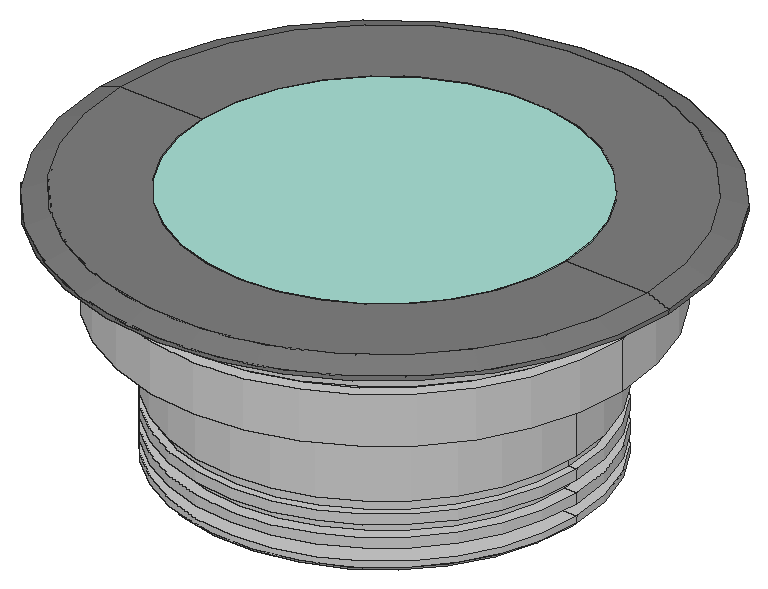
Revit family "Bright 5.F", category Lighting Fixtures, host Face, Revit 2017
Family settings
  Host = Face
  Round Connector Dimension = Use Diameter
  Part Type = Normal
  Cut with Voids When Loaded = Yes
  Light Source = Yes
  Shared = No
  Room Calculation Point = Yes
Parameters (values of type "Bright 5.F K 56° (3000K 14W 24Vdc)")
  Wiring = "parallel"
  Width mm = 148 mm
  Weight kg = "1.35 kg"
  Wattage = 7.04178 W
  built-in parameter 1150110 = 1 (stored number, unit not read)
  Voltage = 24 V
  URL Accessories and power supply units = "https://www.lucelight.it/en/prodotto.php/120393#a-scheda-accessori"
  URL = "https://www.lucelight.it/en/prodotto.php/120393"
  built-in parameter 1114217 = 1 (stored number, unit not read)
  Tiltable = "-"
  URL Technical sheet = "https://www.lucelight.it/media/prodotti/st/ST_BRIGHT_5F.pdf"
  URL Image = "https://www.lucelight.it/media/prodotti/foto/bright_5.f_still.jpg"
  URL IES Photometric file = "https://www.lucelight.it/media/prodotti/fotometrie/bright_5.f_ies.zip"
  URL General code = "https://www.lucelight.it/en/prodotto.php/120393#a-generacodice"
  URL Description = "https://www.lucelight.it/en/capitolato.php/120393"
  URL DXF = "https://www.lucelight.it/media/prodotti/dxf/bright_5.f.dxf"
  URL Catalogue = "https://www.lucelight.it/media/prodotti/brochure/bright_5_brochure_en.pdf"
  Trim = L&L_Steel inox AISI 316L
  Tilt Angle = 90.00°
  built-in parameter 1150109 = 1 (stored number, unit not read)
  built-in parameter 1150134 = (empty or 0)
  built-in parameter 1150113 = 1 (stored number, unit not read)
  Radius Void = 50 mm
  Power supply unit = "not included"
  Power supply = "24Vdc"
  Power cables = "includes 1,50 m neoprene cable, H05RN-F 2x0,75/0,75 Ø6,3 mm"
  Power Supply = L&L_Steel inox AISI 316L
  Power = "14W"
  Photometric Web File = "BRIGHT 5.F K 56° [3000K 14W 24Vdc].IES"
  Optics = "56°"
  Notes = "-"
  built-in parameter 1150142 = "IESNA:LM-63-2002\r\n[TEST] 20190607-0915.LDT\r\n[TESTLAB] L&L\r\n[TESTDATE] 7 Jun 2019\r\n[ISSUEDATE] 7 Jun 2019\r\n[MANUFAC] L&L\r\n[LUMCAT] BRIGHT 5.F K 56° [3000K 14W 24Vdc]\r\n[LUMINAIRE] BRIGHT 5.F K 56° [3000K 14W 24Vdc]\r\n[FLASHAREA] 0.001900\r\n[LAMPCAT] Power LED High Intensity\r\n[LAMP] Power LED High Intensity\r\nTILT=NONE\r\n3 244.00 1.0 181 1 1 2 -0.100 -0.100 0.000\r\n1.00 1.00 14.00\r\n0.00 1.00 2.00 3.00 4.00 5.00 6.00 7.00 8.00 9.00 10.00 \r\n11.00 12.00 13.00 14.00 15.00 16.00 17.00 18.00 19.00 \r\n20.00 21.00 22.00 23.00 24.00 25.00 26.00 27.00 28.00 \r\n29.00 30.00 31.00 32.00 33.00 34.00 35.00 36.00 37.00 \r\n38.00 39.00 40.00 41.00 42.00 43.00 44.00 45.00 46.00 \r\n47.00 48.00 49.00 50.00 51.00 52.00 53.00 54.00 55.00 \r\n56.00 57.00 58.00 59.00 60.00 61.00 62.00 63.00 64.00 \r\n65.00 66.00 67.00 68.00 69.00 70.00 71.00 72.00 73.00 \r\n74.00 75.00 76.00 77.00 78.00 79.00 80.00 81.00 82.00 \r\n83.00 84.00 85.00 86.00 87.00 88.00 89.00 90.00 91.00 \r\n92.00 93.00 94.00 95.00 96.00 97.00 98.00 99.00 100.00 \r\n101.00 102.00 103.00 104.00 105.00 106.00 107.00 108.00 \r\n109.00 110.00 111.00 112.00 113.00 114.00 115.00 116.00 \r\n117.00 118.00 119.00 120.00 121.00 122.00 123.00 124.00 \r\n125.00 126.00 127.00 128.00 129.00 130.00 131.00 132.00 \r\n133.00 134.00 135.00 136.00 137.00 138.00 139.00 140.00 \r\n141.00 142.00 143.00 144.00 145.00 146.00 147.00 148.00 \r\n149.00 150.00 151.00 152.00 153.00 154.00 155.00 156.00 \r\n157.00 158.00 159.00 160.00 161.00 162.00 163.00 164.00 \r\n165.00 166.00 167.00 168.00 169.00 170.00 171.00 172.00 \r\n173.00 174.00 175.00 176.00 177.00 178.00 179.00 180.00 \r\n0.00 \r\n736.20 735.59 734.18 731.81 728.40 723.89 718.07 710.96 \r\n702.34 692.06 680.24 666.84 651.45 635.08 617.68 599.43 \r\n580.54 561.31 542.18 523.35 504.93 486.86 469.63 452.42 \r\n435.78 419.14 403.00 387.11 371.26 355.47 339.85 324.15 \r\n308.32 292.73 276.82 261.24 245.54 230.58 215.75 201.21 \r\n186.89 173.13 159.69 146.72 134.12 122.13 110.86 100.03 \r\n89.81 80.14 71.09 62.73 55.11 48.16 42.20 36.84 32.31 \r\n28.37 24.93 21.92 19.26 16.93 14.85 13.02 11.38 9.92 8.61 \r\n7.48 6.42 5.49 4.64 3.90 3.21 2.61 2.07 1.58 1.10 0.73 \r\n0.54 0.44 0.38 0.33 0.29 0.25 0.21 0.17 0.14 0.11 0.08 \r\n0.04 0.00 0.00 0.00 0.00 0.00 0.00 0.00 0.00 0.00 0.00 \r\n0.00 0.00 0.00 0.00 0.00 0.00 0.00 0.00 0.00 0.00 0.00 \r\n0.00 0.00 0.00 0.00 0.00 0.00 0.00 0.00 0.00 0.00 0.00 \r\n0.00 0.00 0.00 0.00 0.00 0.00 0.00 0.00 0.00 0.00 0.00 \r\n0.00 0.00 0.00 0.00 0.00 0.00 0.00 0.00 0.00 0.00 0.00 \r\n0.00 0.00 0.00 0.00 0.00 0.00 0.00 0.00 0.00 0.00 0.00 \r\n0.00 0.00 0.00 0.00 0.00 0.00 0.00 0.00 0.00 0.00 0.00 \r\n0.00 0.00 0.00 0.00 0.00 0.00 0.00 0.00 0.00 0.00 0.00 \r\n0.00 0.00 0.00 0.00 \r\n"
  No. and type of led = "3 high-intensity power LEDs, 3-step MacAdam, 50 000h L95 B10 (Ta 25°C)"
  Mounting = "recessed (ceiling, wall, floor)"
  Model = "Bright 5.F"
  Material = "body in anodized aluminium, trim in AISI 316L stainless steel, screen in tempered, serigraphed-grey and transparent extra-clear glass"
  Manufacturer = "L&L Luce&Light"
  built-in parameter 1150105 = 83.238 (stored number, unit not read)
  Lumens = 1046 lm
  built-in parameter 1150115 = 1 (stored number, unit not read)
  Lumen output at source = "1663 lm (3000K, 19W, CRI 80), 1538 lm (3000K, 19W, CRI 90), 1131 lm (3000K, 14W, CRI 80), 1046 lm (3000K, 14W, CRI 90)"
  built-in parameter 1150137 = (empty or 0)
  built-in parameter 1150139 = (empty or 0)
  Lens = L&L_Tempered extra-clear glass
  Length mm = 148 mm
  built-in parameter 1150112 = 1 (stored number, unit not read)
  built-in parameter 1150114 = 1 (stored number, unit not read)
  LED Colour = "3000K (also available: 2700K and 4000K - ref. URL Technical sheet)"
  built-in parameter 1150132 = 2
  built-in parameter 1150102 = (empty or 0)
  built-in parameter 1150107 = 3000 (stored number, unit not read)
  built-in parameter 1150138 = (empty or 0)
  built-in parameter 1150106 = 0.83238 (stored number, unit not read)
  IP = "IP68, IP69K"
  Height mm = 90 mm
  Height Void = 80 mm
  Geometry = Bright 5.F_mod : Bright 5.F_mod
  Features = "67°x11° optics adjustable through 360° using the magnet provided"
  Energy efficiency class = "A A+ A++"
  Emit from Line Length = 609.6 mm
  built-in parameter 1150104 = 13.8 (stored number, unit not read)
  Dimming Lamp Color Temperature Shift = <None>
  Description = "recessed for outdoor applications"
  Delivered lumen output = "821 lm (3000K, 12°, 14W, CRI 80), 759 lm (3000K, 12°, 14W, CRI 90), 1208 lm (3000K, 12°, 19W, CRI 80), 1117 lm (3000K, 12°, 19W, CRI 90)"
  Default Elevation = 1219.2 mm
  Cutout dimensions = "diam. 125 mm"
  Control system = "-"
  Contact = "T: +39 0444 360571; E: lucelight@lucelight.it"
  Company = "L&L Luce&Light"
  Color Filter = 16777215
  Code = "-"
  CRI = "90 (also available: CRI 80 - ref. URL Technical sheet)"
  Body = L&L_Anodized aluminium
  built-in parameter 1114218 = 1 (stored number, unit not read)
  built-in parameter 1150133 = 10 (stored number, unit not read)
  Apparent Load Phase 1 = 14 W
  Apparent Load = 0 VA
Reference planes
  plane 1 "Center (Front/Back)": y = 0
  plane 2: z = 0
  plane 3 "Center (Left/Right)": x = 0
  plane 4: z = -80
Forms (mm)
  Extrusion 1, void
    sketch origin (0, 0, 0) x (1, 0, 0) y (0, 1, 0)
      loop
        circle (0, 0) r 50
    from -80 to 0
Dimensions and locks
  "Height Void": plane 4 to plane 2
  "Radius Void": radius of Extrusion 1 sketch curve
  aligned and locked: plane 2 to host face
  aligned and locked: level to host face
  aligned and locked: Extrusion 1 to plane 4
  aligned and locked: plane 2 to Extrusion 1
Automatic sketch dimensions
  host sketch curve to host sketch curve = 2438.4 mm  (x2)
  plane 1 "Center (Front/Back)" to Extrusion 1 sketch curve = 0 mm
  Extrusion 1 sketch curve to plane 3 "Center (Left/Right)" = 0 mm
Nested families
  nested 1: "Bright 5.F_mod" at (0, 0, 0), type <- "Geometry", type "Bright 5.F_mod"
Connectors
  electrical at (0, 0, 0), driven by "Apparent Load Phase 1", driven by "Voltage"
    settings: index 1, voltage 24 V, apparent load 0 VA, apparent load phase1 14 VA, apparent load phase2 0 VA, apparent load phase3 0 VA, power factor 1, load classification "Lighting", number of poles 1, system type 31, power factor state 1, is connector primary yes, connector utility no, sub classification motor no, connector description ""
Definition of nested family "Bright 5.F_mod"
  Parameters (values of type "Bright 5.F_mod")
    Trim = none
    Power supply = none
    Lens = none
    Default Elevation = 1219.2 mm
    Body = none
  Reference planes
    plane 1 "Light Source Axis (F/B)": y = 0
    plane 2: z = 0
    plane 3 "Light Source Axis (L/R)": x = 0
    plane 4 "Light Source Elevation": z = 3
    plane 5: z = -87
    plane 6: z = -22
  Forms (mm)
    Extrusion 1, solid, material <- "Body", detail levels coarse
      sketch origin (0, 0, 0) x (1, 0, 0) y (0, 1, 0)
        loop
          circle (0, 0) r 74
      from -87 to 3
    Extrusion 2, solid, material <- "Trim", detail levels medium
      sketch origin (0, 0, 0) x (1, 0, 0) y (0, 1, 0)
        loop
          circle (0, 0) r 74
        loop
          circle (0, 0) r 47.25
      from -22 to 3
    Extrusion 3, solid, material <- "Body", detail levels medium
      sketch origin (0, 0, 0) x (1, 0, 0) y (0, 1, 0)
        loop
          circle (0, 0) r 50
      from -87 to -22
    Extrusion 4, solid, material <- "Lens", detail levels medium+fine
      sketch origin (0, 0, 0) x (1, 0, 0) y (0, 1, 0)
        loop
          circle (0, 0) r 47.25
      from 0 to 3
    Revolve 5, solid, material <- "Trim", detail levels fine
      sketch origin (0, 0, 0) x (1, 0, 0) y (0, 0, 1)
        loop
          line (47.25, 3) -> (47.25, 0) -> (74, 0) -> (74, 1) -> (68.505, 3) -> (47.25, 3)
        axis (0, 3) -> (0, 0)
      angle from 0 to 360
    Revolve 6, solid, material <- "Body", detail levels fine
      sketch origin (0, 0, 0) x (1, 0, 0) y (0, 0, 1)
        loop
          line (62, -8) -> (62, 0) -> (0, 0) -> (0, -58) -> (48.999, -58) -> (50, -57) -> (50, -55.5) -> (44, -55.5) -> (44, -52.5) -> (50, -52.5) -> (50, -50) -> (47, -50) -> (47, -47) -> (50, -47) -> (50, -44.5) -> (48, -44.5) -> (48, -41.5) -> (50, -41.5) -> (50, -22) -> (62, -22) -> (62, -10) -> (59, -10) -> (59, -8) -> (62, -8)
        axis (0, -58) -> (0, 0)
      angle from 0 to 360
  Dimensions and locks
    level to plane 4 "Light Source Elevation" = 3 mm
    plane 5 to plane 4 "Light Source Elevation" = 90 mm
    plane 6 to plane 4 "Light Source Elevation" = 25 mm
    aligned and locked: level to plane 2
    aligned and locked: plane 5 to Extrusion 1
    aligned and locked: Extrusion 1 to plane 4 "Light Source Elevation"
    aligned and locked: plane 6 to Extrusion 2
    aligned and locked: Extrusion 2 to plane 4 "Light Source Elevation"
    aligned and locked: plane 5 to Extrusion 3
    aligned and locked: Extrusion 3 to plane 6
    aligned and locked: Extrusion 4 to level
    aligned and locked: Extrusion 4 to plane 4 "Light Source Elevation"
  Nested families
    nested 1: "Power supply" at (-24.682, 0, -58), type "Power supply", detail levels fine
  Definition of nested family "Power supply"
    Parameters (values of type "Power supply")
      Power supply = none
      Default Elevation = 1219.2 mm
    Reference planes
      plane 1 "Light Source Axis (F/B)": y = 0
      plane 2: z = 0
      plane 3 "Light Source Axis (L/R)": x = 0
      plane 4 "Light Source Elevation": z = 1500
    Forms (mm)
      Extrusion 1, solid, material <- "Power supply"
        sketch origin (36.054, -14.716, -19.543) x (1, 0, 0) y (0, 1, 0)
          loop
            circle (-36.054, 14.716) r 7.8
        from 5.793 to 11.543
      Extrusion 2, solid, material <- "Power supply"
        sketch origin (33.254, -14.716, -12.98) x (1, 0, 0) y (0, 1, 0)
          loop
            line (-33.254, 24.216) -> (-39.972, 21.433) -> (-42.754, 14.716) -> (-39.972, 7.998) -> (-33.254, 5.216) -> (-26.537, 7.998) -> (-23.754, 14.716) -> (-26.537, 21.433) -> (-33.254, 24.216)
        from 4.98 to 12.98
      Extrusion 3, solid, material <- "Power supply"
        sketch origin (33.254, -14.716, -21.238) x (1, 0, 0) y (0, 1, 0)
          loop
            line (-33.254, 25.686) -> (-41.011, 22.473) -> (-44.224, 14.716) -> (-41.011, 6.959) -> (-33.254, 3.746) -> (-25.497, 6.959) -> (-22.284, 14.716) -> (-25.497, 22.473) -> (-33.254, 25.686)
        from -3.512 to 7.488
      Revolve 4, solid, material <- "Power supply"
        sketch origin (0, 0, -12.75) x (1, 0, 0) y (0, 0, 1)
          loop
            line (0, -12) -> (0, -16.2) -> (5.5, -16.2)
            arc (5.5, -16.2) -> (8.211, -14.914) -> (8.929, -12) r 3.5
            line (8.929, -12) -> (0, -12)
          axis (0, -16.2) -> (0, -12)
        angle from 0 to 360
    Dimensions and locks
      aligned and locked: level to plane 2
Types (16, lengths in mm): name | Wattage | Power | Photometric Web File | Optics | built-in parameter 1150142 | built-in parameter 1150105 | Lumens | built-in parameter 1150106 | Apparent Load Phase 1
  Bright 5.F K 56° (3000K 14W 24Vdc) | 7.04178 W | "14W" | "BRIGHT 5.F K 56° [3000K 14W 24Vdc].IES" | "56°" | "IESNA:LM-63-2002\r\n[TEST] 20190607-0915.LDT\r\n[TESTLAB] L&L\r\n[TESTDATE] 7 Jun 2019\r\n[ISSUEDATE] 7 Jun 2019\r\n[MANUFAC] L&L\r\n[LUMCAT] BRIGHT 5.F K 56° [3000K 14W 24Vdc]\r\n[LUMINAIRE] BRIGHT 5.F K 56° [3000K 14W 24Vdc]\r\n[FLASHAREA] 0.001900\r\n[LAMPCAT] Power LED High Intensity\r\n[LAMP] Power LED High Intensity\r\nTILT=NONE\r\n3 244.00 1.0 181 1 1 2 -0.100 -0.100 0.000\r\n1.00 1.00 14.00\r\n0.00 1.00 2.00 3.00 4.00 5.00 6.00 7.00 8.00 9.00 10.00 \r\n11.00 12.00 13.00 14.00 15.00 16.00 17.00 18.00 19.00 \r\n20.00 21.00 22.00 23.00 24.00 25.00 26.00 27.00 28.00 \r\n29.00 30.00 31.00 32.00 33.00 34.00 35.00 36.00 37.00 \r\n38.00 39.00 40.00 41.00 42.00 43.00 44.00 45.00 46.00 \r\n47.00 48.00 49.00 50.00 51.00 52.00 53.00 54.00 55.00 \r\n56.00 57.00 58.00 59.00 60.00 61.00 62.00 63.00 64.00 \r\n65.00 66.00 67.00 68.00 69.00 70.00 71.00 72.00 73.00 \r\n74.00 75.00 76.00 77.00 78.00 79.00 80.00 81.00 82.00 \r\n83.00 84.00 85.00 86.00 87.00 88.00 89.00 90.00 91.00 \r\n92.00 93.00 94.00 95.00 96.00 97.00 98.00 99.00 100.00 \r\n101.00 102.00 103.00 104.00 105.00 106.00 107.00 108.00 \r\n109.00 110.00 111.00 112.00 113.00 114.00 115.00 116.00 \r\n117.00 118.00 119.00 120.00 121.00 122.00 123.00 124.00 \r\n125.00 126.00 127.00 128.00 129.00 130.00 131.00 132.00 \r\n133.00 134.00 135.00 136.00 137.00 138.00 139.00 140.00 \r\n141.00 142.00 143.00 144.00 145.00 146.00 147.00 148.00 \r\n149.00 150.00 151.00 152.00 153.00 154.00 155.00 156.00 \r\n157.00 158.00 159.00 160.00 161.00 162.00 163.00 164.00 \r\n165.00 166.00 167.00 168.00 169.00 170.00 171.00 172.00 \r\n173.00 174.00 175.00 176.00 177.00 178.00 179.00 180.00 \r\n0.00 \r\n736.20 735.59 734.18 731.81 728.40 723.89 718.07 710.96 \r\n702.34 692.06 680.24 666.84 651.45 635.08 617.68 599.43 \r\n580.54 561.31 542.18 523.35 504.93 486.86 469.63 452.42 \r\n435.78 419.14 403.00 387.11 371.26 355.47 339.85 324.15 \r\n308.32 292.73 276.82 261.24 245.54 230.58 215.75 201.21 \r\n186.89 173.13 159.69 146.72 134.12 122.13 110.86 100.03 \r\n89.81 80.14 71.09 62.73 55.11 48.16 42.20 36.84 32.31 \r\n28.37 24.93 21.92 19.26 16.93 14.85 13.02 11.38 9.92 8.61 \r\n7.48 6.42 5.49 4.64 3.90 3.21 2.61 2.07 1.58 1.10 0.73 \r\n0.54 0.44 0.38 0.33 0.29 0.25 0.21 0.17 0.14 0.11 0.08 \r\n0.04 0.00 0.00 0.00 0.00 0.00 0.00 0.00 0.00 0.00 0.00 \r\n0.00 0.00 0.00 0.00 0.00 0.00 0.00 0.00 0.00 0.00 0.00 \r\n0.00 0.00 0.00 0.00 0.00 0.00 0.00 0.00 0.00 0.00 0.00 \r\n0.00 0.00 0.00 0.00 0.00 0.00 0.00 0.00 0.00 0.00 0.00 \r\n0.00 0.00 0.00 0.00 0.00 0.00 0.00 0.00 0.00 0.00 0.00 \r\n0.00 0.00 0.00 0.00 0.00 0.00 0.00 0.00 0.00 0.00 0.00 \r\n0.00 0.00 0.00 0.00 0.00 0.00 0.00 0.00 0.00 0.00 0.00 \r\n0.00 0.00 0.00 0.00 0.00 0.00 0.00 0.00 0.00 0.00 0.00 \r\n0.00 0.00 0.00 0.00 \r\n" | 83.238 (stored number, unit not read) | 1046 lm | 0.83238 (stored number, unit not read) | 14 W
  Bright 5.F L 35° (3000K 14W 24Vdc) | 7.04178 W | "14W" | "BRIGHT 5.F L 35° [3000K 14W 24Vdc].IES" | "35°" | "IESNA:LM-63-2002\r\n[TEST] 20190614-1019.LDT\r\n[TESTLAB] L&L\r\n[TESTDATE] 14 Jun 2019\r\n[ISSUEDATE] 14 Jun 2019\r\n[MANUFAC] L&L\r\n[LUMCAT] BRIGHT 5.F L 35° [3000K 14W 24Vdc]\r\n[LUMINAIRE] BRIGHT 5.F L 35° [3000K 14W 24Vdc]\r\n[FLASHAREA] 0.001900\r\n[LAMPCAT] Power LED High Intensity\r\n[LAMP] Power LED High Intensity\r\nTILT=NONE\r\n3 255.67 1.0 181 1 1 2 -0.100 -0.100 0.000\r\n1.00 1.00 14.00\r\n0.00 1.00 2.00 3.00 4.00 5.00 6.00 7.00 8.00 9.00 10.00 \r\n11.00 12.00 13.00 14.00 15.00 16.00 17.00 18.00 19.00 \r\n20.00 21.00 22.00 23.00 24.00 25.00 26.00 27.00 28.00 \r\n29.00 30.00 31.00 32.00 33.00 34.00 35.00 36.00 37.00 \r\n38.00 39.00 40.00 41.00 42.00 43.00 44.00 45.00 46.00 \r\n47.00 48.00 49.00 50.00 51.00 52.00 53.00 54.00 55.00 \r\n56.00 57.00 58.00 59.00 60.00 61.00 62.00 63.00 64.00 \r\n65.00 66.00 67.00 68.00 69.00 70.00 71.00 72.00 73.00 \r\n74.00 75.00 76.00 77.00 78.00 79.00 80.00 81.00 82.00 \r\n83.00 84.00 85.00 86.00 87.00 88.00 89.00 90.00 91.00 \r\n92.00 93.00 94.00 95.00 96.00 97.00 98.00 99.00 100.00 \r\n101.00 102.00 103.00 104.00 105.00 106.00 107.00 108.00 \r\n109.00 110.00 111.00 112.00 113.00 114.00 115.00 116.00 \r\n117.00 118.00 119.00 120.00 121.00 122.00 123.00 124.00 \r\n125.00 126.00 127.00 128.00 129.00 130.00 131.00 132.00 \r\n133.00 134.00 135.00 136.00 137.00 138.00 139.00 140.00 \r\n141.00 142.00 143.00 144.00 145.00 146.00 147.00 148.00 \r\n149.00 150.00 151.00 152.00 153.00 154.00 155.00 156.00 \r\n157.00 158.00 159.00 160.00 161.00 162.00 163.00 164.00 \r\n165.00 166.00 167.00 168.00 169.00 170.00 171.00 172.00 \r\n173.00 174.00 175.00 176.00 177.00 178.00 179.00 180.00 \r\n0.00 \r\n1811.81 1810.59 1804.85 1795.41 1781.37 1762.06 1735.85 \r\n1702.52 1660.51 1609.57 1550.63 1483.78 1406.30 1322.93 \r\n1237.39 1148.51 1057.42 966.03 878.59 794.22 714.42 \r\n640.75 573.19 511.40 455.92 405.56 360.67 319.84 282.75 \r\n249.63 220.33 194.31 171.03 150.00 131.01 114.14 98.40 \r\n84.15 71.43 60.61 51.77 44.45 38.47 33.53 29.23 25.41 \r\n22.25 19.60 17.30 15.25 13.43 11.77 10.29 8.98 7.84 6.83 \r\n5.96 5.18 4.50 3.91 3.40 2.95 2.57 2.24 1.98 1.76 1.54 \r\n1.36 1.19 1.04 0.91 0.79 0.67 0.57 0.48 0.40 0.35 0.31 \r\n0.28 0.25 0.23 0.21 0.18 0.16 0.14 0.13 0.11 0.09 0.06 \r\n0.03 0.01 0.00 0.00 0.00 0.00 0.00 0.00 0.00 0.00 0.00 \r\n0.00 0.00 0.00 0.00 0.00 0.00 0.00 0.00 0.00 0.00 0.00 \r\n0.00 0.00 0.00 0.00 0.00 0.00 0.00 0.00 0.00 0.00 0.00 \r\n0.00 0.00 0.00 0.00 0.00 0.00 0.00 0.00 0.00 0.00 0.00 \r\n0.00 0.00 0.00 0.00 0.00 0.00 0.00 0.00 0.00 0.00 0.00 \r\n0.00 0.00 0.00 0.00 0.00 0.00 0.00 0.00 0.00 0.00 0.00 \r\n0.00 0.00 0.00 0.00 0.00 0.00 0.00 0.00 0.00 0.00 0.00 \r\n0.00 0.00 0.00 0.00 0.00 0.00 0.00 0.00 0.00 0.00 0.00 \r\n0.00 0.00 0.00 0.00 \r\n" | 83.238 (stored number, unit not read) | 1046 lm | 0.83238 (stored number, unit not read) | 14 W
  Bright 5.F M 31° (3000K 14W 24Vdc) | 7.04178 W | "14W" | "BRIGHT 5.F M 31° [3000K 14W 24Vdc].IES" | "31°" | "IESNA:LM-63-2002\r\n[TEST] 20190605-1740.LDT\r\n[TESTLAB] L&L\r\n[TESTDATE] 5 Jun 2019\r\n[ISSUEDATE] 5 Jun 2019\r\n[MANUFAC] L&L\r\n[LUMCAT] BRIGHT 5.F M 31° [3000K 14W 24Vdc]\r\n[LUMINAIRE] BRIGHT 5.F M 31° [3000K 14W 24Vdc]\r\n[FLASHAREA] 0.001900\r\n[LAMPCAT] Power LED High Intensity\r\n[LAMP] Power LED High Intensity\r\nTILT=NONE\r\n3 243.67 1.0 181 1 1 2 -0.100 -0.100 0.000\r\n1.00 1.00 14.00\r\n0.00 1.00 2.00 3.00 4.00 5.00 6.00 7.00 8.00 9.00 10.00 \r\n11.00 12.00 13.00 14.00 15.00 16.00 17.00 18.00 19.00 \r\n20.00 21.00 22.00 23.00 24.00 25.00 26.00 27.00 28.00 \r\n29.00 30.00 31.00 32.00 33.00 34.00 35.00 36.00 37.00 \r\n38.00 39.00 40.00 41.00 42.00 43.00 44.00 45.00 46.00 \r\n47.00 48.00 49.00 50.00 51.00 52.00 53.00 54.00 55.00 \r\n56.00 57.00 58.00 59.00 60.00 61.00 62.00 63.00 64.00 \r\n65.00 66.00 67.00 68.00 69.00 70.00 71.00 72.00 73.00 \r\n74.00 75.00 76.00 77.00 78.00 79.00 80.00 81.00 82.00 \r\n83.00 84.00 85.00 86.00 87.00 88.00 89.00 90.00 91.00 \r\n92.00 93.00 94.00 95.00 96.00 97.00 98.00 99.00 100.00 \r\n101.00 102.00 103.00 104.00 105.00 106.00 107.00 108.00 \r\n109.00 110.00 111.00 112.00 113.00 114.00 115.00 116.00 \r\n117.00 118.00 119.00 120.00 121.00 122.00 123.00 124.00 \r\n125.00 126.00 127.00 128.00 129.00 130.00 131.00 132.00 \r\n133.00 134.00 135.00 136.00 137.00 138.00 139.00 140.00 \r\n141.00 142.00 143.00 144.00 145.00 146.00 147.00 148.00 \r\n149.00 150.00 151.00 152.00 153.00 154.00 155.00 156.00 \r\n157.00 158.00 159.00 160.00 161.00 162.00 163.00 164.00 \r\n165.00 166.00 167.00 168.00 169.00 170.00 171.00 172.00 \r\n173.00 174.00 175.00 176.00 177.00 178.00 179.00 180.00 \r\n0.00 \r\n1999.07 1993.50 1978.40 1954.61 1921.43 1879.79 1828.60 \r\n1768.35 1700.53 1624.22 1540.19 1448.76 1351.06 1252.40 \r\n1152.56 1052.67 955.45 860.17 770.28 688.02 611.84 542.51 \r\n481.13 426.09 377.93 334.54 296.83 264.24 235.00 209.45 \r\n187.26 167.28 149.50 133.68 119.28 106.67 95.23 85.06 \r\n76.00 67.98 60.89 54.45 48.73 43.83 39.49 35.67 32.34 \r\n29.38 26.77 24.40 22.24 20.31 18.53 16.90 15.45 14.12 \r\n12.90 11.79 10.76 9.79 8.87 8.01 7.21 6.45 5.74 5.08 4.46 \r\n3.90 3.38 2.90 2.46 2.06 1.70 1.37 1.08 0.80 0.55 0.37 \r\n0.27 0.21 0.18 0.16 0.14 0.12 0.10 0.09 0.07 0.05 0.04 \r\n0.02 0.01 0.00 0.00 0.00 0.00 0.00 0.00 0.00 0.00 0.00 \r\n0.00 0.00 0.00 0.00 0.00 0.00 0.00 0.00 0.00 0.00 0.00 \r\n0.00 0.00 0.00 0.00 0.00 0.00 0.00 0.00 0.00 0.00 0.00 \r\n0.00 0.00 0.00 0.00 0.00 0.00 0.00 0.00 0.00 0.00 0.00 \r\n0.00 0.00 0.00 0.00 0.00 0.00 0.00 0.00 0.00 0.00 0.00 \r\n0.00 0.00 0.00 0.00 0.00 0.00 0.00 0.00 0.00 0.00 0.00 \r\n0.00 0.00 0.00 0.00 0.00 0.00 0.00 0.00 0.00 0.00 0.00 \r\n0.00 0.00 0.00 0.00 0.00 0.00 0.00 0.00 0.00 0.00 0.00 \r\n0.00 0.00 0.00 0.00 \r\n" | 83.238 (stored number, unit not read) | 1046 lm | 0.83238 (stored number, unit not read) | 14 W
  Bright 5.F T 12° (3000K 14W 24Vdc) | 7.04178 W | "14W" | "BRIGHT 5.F T 12° [3000K 14W 24Vdc].IES" | "12°" | "IESNA:LM-63-2002\r\n[TEST] 20190523-1156.LDT\r\n[TESTLAB] L&L\r\n[TESTDATE] 23 May 2019\r\n[ISSUEDATE] 23 May 2019\r\n[MANUFAC] L&L\r\n[LUMCAT] BRIGHT 5.F T 12° [3000K 14W 24Vdc]\r\n[LUMINAIRE] BRIGHT 5.F T 12° [3000K 14W 24Vdc]\r\n[FLASHAREA] 0.001900\r\n[LAMPCAT] Power LED High Intensity\r\n[LAMP] Power LED High Intensity\r\nTILT=NONE\r\n3 273.67 1.0 181 1 1 2 -0.100 -0.100 0.000\r\n1.00 1.00 14.00\r\n0.00 1.00 2.00 3.00 4.00 5.00 6.00 7.00 8.00 9.00 10.00 \r\n11.00 12.00 13.00 14.00 15.00 16.00 17.00 18.00 19.00 \r\n20.00 21.00 22.00 23.00 24.00 25.00 26.00 27.00 28.00 \r\n29.00 30.00 31.00 32.00 33.00 34.00 35.00 36.00 37.00 \r\n38.00 39.00 40.00 41.00 42.00 43.00 44.00 45.00 46.00 \r\n47.00 48.00 49.00 50.00 51.00 52.00 53.00 54.00 55.00 \r\n56.00 57.00 58.00 59.00 60.00 61.00 62.00 63.00 64.00 \r\n65.00 66.00 67.00 68.00 69.00 70.00 71.00 72.00 73.00 \r\n74.00 75.00 76.00 77.00 78.00 79.00 80.00 81.00 82.00 \r\n83.00 84.00 85.00 86.00 87.00 88.00 89.00 90.00 91.00 \r\n92.00 93.00 94.00 95.00 96.00 97.00 98.00 99.00 100.00 \r\n101.00 102.00 103.00 104.00 105.00 106.00 107.00 108.00 \r\n109.00 110.00 111.00 112.00 113.00 114.00 115.00 116.00 \r\n117.00 118.00 119.00 120.00 121.00 122.00 123.00 124.00 \r\n125.00 126.00 127.00 128.00 129.00 130.00 131.00 132.00 \r\n133.00 134.00 135.00 136.00 137.00 138.00 139.00 140.00 \r\n141.00 142.00 143.00 144.00 145.00 146.00 147.00 148.00 \r\n149.00 150.00 151.00 152.00 153.00 154.00 155.00 156.00 \r\n157.00 158.00 159.00 160.00 161.00 162.00 163.00 164.00 \r\n165.00 166.00 167.00 168.00 169.00 170.00 171.00 172.00 \r\n173.00 174.00 175.00 176.00 177.00 178.00 179.00 180.00 \r\n0.00 \r\n10591.88 10353.08 9734.61 8801.94 7607.59 6397.42 5152.33 \r\n4081.42 3145.24 2430.23 1879.68 1488.22 1183.50 971.57 \r\n816.04 694.93 601.79 520.54 454.37 396.94 347.11 303.77 \r\n268.74 237.71 211.92 187.84 168.00 150.52 134.96 121.43 \r\n109.57 98.68 89.02 80.13 71.48 63.89 56.66 50.66 45.29 \r\n40.75 36.72 33.15 29.85 26.98 24.31 21.85 19.66 17.61 \r\n15.82 14.15 12.68 11.30 9.99 8.58 7.37 6.14 5.10 4.16 \r\n3.32 2.62 2.12 1.79 1.55 1.34 1.16 1.02 0.88 0.77 0.67 \r\n0.58 0.49 0.42 0.36 0.30 0.26 0.23 0.20 0.18 0.15 0.14 \r\n0.12 0.10 0.09 0.08 0.06 0.05 0.04 0.03 0.02 0.01 0.00 \r\n0.00 0.00 0.00 0.00 0.00 0.00 0.00 0.00 0.00 0.00 0.00 \r\n0.00 0.00 0.00 0.00 0.00 0.00 0.00 0.00 0.00 0.00 0.00 \r\n0.00 0.00 0.00 0.00 0.00 0.00 0.00 0.00 0.00 0.00 0.00 \r\n0.00 0.00 0.00 0.00 0.00 0.00 0.00 0.00 0.00 0.00 0.00 \r\n0.00 0.00 0.00 0.00 0.00 0.00 0.00 0.00 0.00 0.00 0.00 \r\n0.00 0.00 0.00 0.00 0.00 0.00 0.00 0.00 0.00 0.00 0.00 \r\n0.00 0.00 0.00 0.00 0.00 0.00 0.00 0.00 0.00 0.00 0.00 \r\n0.00 0.00 0.00 0.00 0.00 0.00 0.00 0.00 0.00 0.00 0.00 \r\n0.00 0.00 \r\n" | 83.238 (stored number, unit not read) | 1046 lm | 0.83238 (stored number, unit not read) | 14 W
  Bright 5.F S 18° (3000K 14W 24Vdc) | 7.04178 W | "14W" | "BRIGHT 5.F S 18° [3000K 14W 24Vdc].IES" | "18°" | "IESNA:LM-63-2002\r\n[TEST] 20190523-1429.LDT\r\n[TESTLAB] L&L\r\n[TESTDATE] 23 May 2019\r\n[ISSUEDATE] 23 May 2019\r\n[MANUFAC] L&L\r\n[LUMCAT] BRIGHT 5.F S 18° [3000K 14W 24Vdc]\r\n[LUMINAIRE] BRIGHT 5.F S 18° [3000K 14W 24Vdc]\r\n[FLASHAREA] 0.001900\r\n[LAMPCAT] Power LED High Intensity\r\n[LAMP] Power LED High Intensity\r\nTILT=NONE\r\n3 267.00 1.0 181 1 1 2 -0.100 -0.100 0.000\r\n1.00 1.00 14.00\r\n0.00 1.00 2.00 3.00 4.00 5.00 6.00 7.00 8.00 9.00 10.00 \r\n11.00 12.00 13.00 14.00 15.00 16.00 17.00 18.00 19.00 \r\n20.00 21.00 22.00 23.00 24.00 25.00 26.00 27.00 28.00 \r\n29.00 30.00 31.00 32.00 33.00 34.00 35.00 36.00 37.00 \r\n38.00 39.00 40.00 41.00 42.00 43.00 44.00 45.00 46.00 \r\n47.00 48.00 49.00 50.00 51.00 52.00 53.00 54.00 55.00 \r\n56.00 57.00 58.00 59.00 60.00 61.00 62.00 63.00 64.00 \r\n65.00 66.00 67.00 68.00 69.00 70.00 71.00 72.00 73.00 \r\n74.00 75.00 76.00 77.00 78.00 79.00 80.00 81.00 82.00 \r\n83.00 84.00 85.00 86.00 87.00 88.00 89.00 90.00 91.00 \r\n92.00 93.00 94.00 95.00 96.00 97.00 98.00 99.00 100.00 \r\n101.00 102.00 103.00 104.00 105.00 106.00 107.00 108.00 \r\n109.00 110.00 111.00 112.00 113.00 114.00 115.00 116.00 \r\n117.00 118.00 119.00 120.00 121.00 122.00 123.00 124.00 \r\n125.00 126.00 127.00 128.00 129.00 130.00 131.00 132.00 \r\n133.00 134.00 135.00 136.00 137.00 138.00 139.00 140.00 \r\n141.00 142.00 143.00 144.00 145.00 146.00 147.00 148.00 \r\n149.00 150.00 151.00 152.00 153.00 154.00 155.00 156.00 \r\n157.00 158.00 159.00 160.00 161.00 162.00 163.00 164.00 \r\n165.00 166.00 167.00 168.00 169.00 170.00 171.00 172.00 \r\n173.00 174.00 175.00 176.00 177.00 178.00 179.00 180.00 \r\n0.00 \r\n6128.05 6070.63 5913.36 5663.25 5331.26 4943.34 4495.54 \r\n4014.17 3517.40 3035.51 2572.92 2145.73 1755.72 1428.64 \r\n1155.73 932.27 752.14 610.45 498.98 411.99 344.97 290.90 \r\n248.74 213.76 184.83 160.24 139.75 122.29 107.35 94.62 \r\n83.56 73.87 65.08 57.45 50.72 44.71 39.55 35.05 31.17 \r\n27.89 25.00 22.47 20.21 18.20 16.39 14.75 13.29 11.97 \r\n10.76 9.65 8.63 7.71 6.85 6.07 5.37 4.71 4.13 3.59 3.09 \r\n2.64 2.25 1.93 1.66 1.44 1.27 1.13 1.00 0.89 0.79 0.70 \r\n0.62 0.54 0.46 0.39 0.31 0.25 0.20 0.16 0.13 0.12 0.10 \r\n0.09 0.08 0.06 0.05 0.04 0.03 0.03 0.02 0.01 0.00 0.00 \r\n0.00 0.00 0.00 0.00 0.00 0.00 0.00 0.00 0.00 0.00 0.00 \r\n0.00 0.00 0.00 0.00 0.00 0.00 0.00 0.00 0.00 0.00 0.00 \r\n0.00 0.00 0.00 0.00 0.00 0.00 0.00 0.00 0.00 0.00 0.00 \r\n0.00 0.00 0.00 0.00 0.00 0.00 0.00 0.00 0.00 0.00 0.00 \r\n0.00 0.00 0.00 0.00 0.00 0.00 0.00 0.00 0.00 0.00 0.00 \r\n0.00 0.00 0.00 0.00 0.00 0.00 0.00 0.00 0.00 0.00 0.00 \r\n0.00 0.00 0.00 0.00 0.00 0.00 0.00 0.00 0.00 0.00 0.00 \r\n0.00 0.00 0.00 0.00 0.00 0.00 0.00 0.00 0.00 0.00 0.00 \r\n0.00 \r\n" | 83.238 (stored number, unit not read) | 1046 lm | 0.83238 (stored number, unit not read) | 14 W
  Bright 5.F V 10° (3000K 14W 24Vdc) | 7.04178 W | "14W" | "BRIGHT 5.F V 10° [3000K 14W 24Vdc].IES" | "10°" | "IESNA:LM-63-2002\r\n[TEST] 20190523-0902\r\n[TESTLAB] L&L\r\n[TESTDATE] 23 May 2019\r\n[ISSUEDATE] 23 May 2019\r\n[MANUFAC] L&L\r\n[LUMCAT] BRIGHT 5.F V 10° [3000K 14W 24Vdc]\r\n[LUMINAIRE] BRIGHT 5.F V 10° [3000K 14W 24Vdc]\r\n[FLASHAREA] 0.001900\r\n[LAMPCAT] Power LED High Intensity\r\n[LAMP] Power LED High Intensity\r\nTILT=NONE\r\n3 254.00 1.0 181 1 1 2 -0.100 -0.100 0.000\r\n1.00 1.00 14.00\r\n0.00 1.00 2.00 3.00 4.00 5.00 6.00 7.00 8.00 9.00 10.00 \r\n11.00 12.00 13.00 14.00 15.00 16.00 17.00 18.00 19.00 \r\n20.00 21.00 22.00 23.00 24.00 25.00 26.00 27.00 28.00 \r\n29.00 30.00 31.00 32.00 33.00 34.00 35.00 36.00 37.00 \r\n38.00 39.00 40.00 41.00 42.00 43.00 44.00 45.00 46.00 \r\n47.00 48.00 49.00 50.00 51.00 52.00 53.00 54.00 55.00 \r\n56.00 57.00 58.00 59.00 60.00 61.00 62.00 63.00 64.00 \r\n65.00 66.00 67.00 68.00 69.00 70.00 71.00 72.00 73.00 \r\n74.00 75.00 76.00 77.00 78.00 79.00 80.00 81.00 82.00 \r\n83.00 84.00 85.00 86.00 87.00 88.00 89.00 90.00 91.00 \r\n92.00 93.00 94.00 95.00 96.00 97.00 98.00 99.00 100.00 \r\n101.00 102.00 103.00 104.00 105.00 106.00 107.00 108.00 \r\n109.00 110.00 111.00 112.00 113.00 114.00 115.00 116.00 \r\n117.00 118.00 119.00 120.00 121.00 122.00 123.00 124.00 \r\n125.00 126.00 127.00 128.00 129.00 130.00 131.00 132.00 \r\n133.00 134.00 135.00 136.00 137.00 138.00 139.00 140.00 \r\n141.00 142.00 143.00 144.00 145.00 146.00 147.00 148.00 \r\n149.00 150.00 151.00 152.00 153.00 154.00 155.00 156.00 \r\n157.00 158.00 159.00 160.00 161.00 162.00 163.00 164.00 \r\n165.00 166.00 167.00 168.00 169.00 170.00 171.00 172.00 \r\n173.00 174.00 175.00 176.00 177.00 178.00 179.00 180.00 \r\n0.00 \r\n16055.84 15705.57 14463.30 12617.88 10441.22 8228.20 \r\n6132.59 4365.05 2989.39 2015.43 1371.42 965.23 704.43 \r\n541.51 437.37 365.19 312.76 271.69 238.70 210.77 186.33 \r\n164.24 144.49 126.55 110.64 96.78 85.46 76.08 68.13 61.40 \r\n55.63 50.56 46.18 42.27 38.77 35.66 32.84 30.37 28.11 \r\n26.11 24.28 22.61 21.01 19.54 18.14 16.82 15.61 14.49 \r\n13.45 12.49 11.58 10.75 9.98 9.26 8.62 8.01 7.44 6.90 \r\n6.38 5.88 5.40 4.94 4.51 4.09 3.67 3.28 2.92 2.58 2.24 \r\n1.91 1.60 1.32 1.07 0.84 0.60 0.39 0.25 0.17 0.12 0.09 \r\n0.08 0.07 0.06 0.05 0.04 0.03 0.03 0.02 0.02 0.01 0.00 \r\n0.00 0.00 0.00 0.00 0.00 0.00 0.00 0.00 0.00 0.00 0.00 \r\n0.00 0.00 0.00 0.00 0.00 0.00 0.00 0.00 0.00 0.00 0.00 \r\n0.00 0.00 0.00 0.00 0.00 0.00 0.00 0.00 0.00 0.00 0.00 \r\n0.00 0.00 0.00 0.00 0.00 0.00 0.00 0.00 0.00 0.00 0.00 \r\n0.00 0.00 0.00 0.00 0.00 0.00 0.00 0.00 0.00 0.00 0.00 \r\n0.00 0.00 0.00 0.00 0.00 0.00 0.00 0.00 0.00 0.00 0.00 \r\n0.00 0.00 0.00 0.00 0.00 0.00 0.00 0.00 0.00 0.00 0.00 \r\n0.00 0.00 0.00 0.00 0.00 0.00 0.00 0.00 0.00 0.00 0.00 \r\n0.00 0.00 \r\n" | 83.238 (stored number, unit not read) | 1046 lm | 0.83238 (stored number, unit not read) | 14 W
